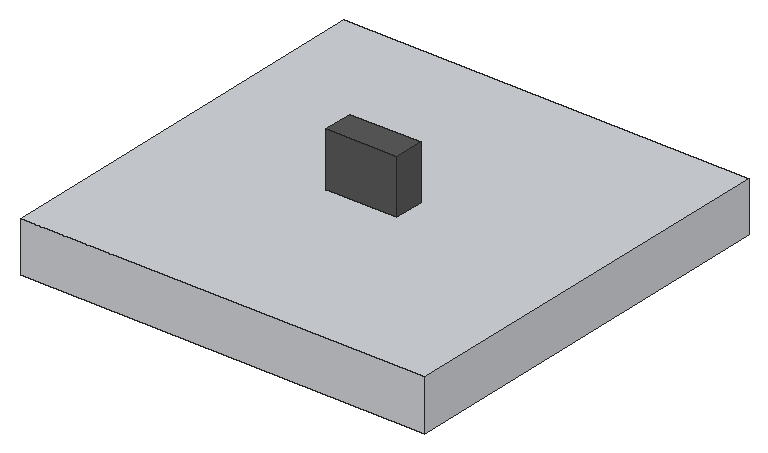
Revit family "r2018_videomax_server_OPS-SKUD_nastolnogo_ispolneniya", category Устройства связи, Revit 2018 (continued)
Definition of nested family "videomax_minitower"
  Lines and regions (mm)
    model lines, visible <- "Left_500", detail levels fine
      curve 1464: circle (371.93, 34.316, 0) r 1.91 normal (0, 0, 1)
      curve 1465: circle (376.044, 30.572, 0) r 1.91 normal (0, 0, 1)
      curve 1466: circle (371.93, 27.176, 0) r 1.91 normal (0, 0, 1)
      curve 1467: circle (384.48, 65.432, 0) r 1.91 normal (0, 0, 1)
      curve 1468: circle (380.366, 62.036, 0) r 1.91 normal (0, 0, 1)
      curve 1469: circle (384.48, 58.292, 0) r 1.91 normal (0, 0, 1)
      curve 1470: circle (380.366, 54.897, 0) r 1.91 normal (0, 0, 1)
      curve 1471: circle (384.48, 51.473, 0) r 1.91 normal (0, 0, 1)
      curve 1472: circle (380.366, 48.078, 0) r 1.91 normal (0, 0, 1)
      curve 1473: circle (384.48, 44.334, 0) r 1.91 normal (0, 0, 1)
      curve 1474: circle (380.366, 40.938, 0) r 1.91 normal (0, 0, 1)
      curve 1475: circle (384.48, 37.515, 0) r 1.91 normal (0, 0, 1)
      curve 1476: circle (380.366, 34.363, 0) r 1.91 normal (0, 0, 1)
      curve 1477: circle (384.48, 30.619, 0) r 1.91 normal (0, 0, 1)
      curve 1478: circle (380.366, 27.223, 0) r 1.91 normal (0, 0, 1)
      curve 1479: circle (392.707, 65.338, 0) r 1.91 normal (0, 0, 1)
      curve 1480: circle (388.594, 61.942, 0) r 1.91 normal (0, 0, 1)
      curve 1481: circle (392.707, 58.198, 0) r 1.91 normal (0, 0, 1)
      curve 1482: circle (388.594, 54.802, 0) r 1.91 normal (0, 0, 1)
      curve 1483: circle (392.707, 51.379, 0) r 1.91 normal (0, 0, 1)
      curve 1484: circle (388.594, 47.983, 0) r 1.91 normal (0, 0, 1)
      curve 1485: circle (392.707, 44.239, 0) r 1.91 normal (0, 0, 1)
      curve 1486: circle (388.594, 40.844, 0) r 1.91 normal (0, 0, 1)
      curve 1487: circle (392.707, 37.42, 0) r 1.91 normal (0, 0, 1)
      curve 1488: circle (388.594, 34.269, 0) r 1.91 normal (0, 0, 1)
      curve 1489: circle (392.707, 30.525, 0) r 1.91 normal (0, 0, 1)
      curve 1490: circle (388.594, 27.129, 0) r 1.91 normal (0, 0, 1)
      curve 1491: circle (400.935, 65.526, 0) r 1.91 normal (0, 0, 1)
      curve 1492: circle (396.821, 62.131, 0) r 1.91 normal (0, 0, 1)
      curve 1493: circle (400.935, 58.387, 0) r 1.91 normal (0, 0, 1)
      curve 1494: circle (396.821, 54.991, 0) r 1.91 normal (0, 0, 1)
      curve 1495: circle (400.935, 51.568, 0) r 1.91 normal (0, 0, 1)
      curve 1496: circle (396.821, 48.172, 0) r 1.91 normal (0, 0, 1)
      curve 1497: circle (400.935, 44.428, 0) r 1.91 normal (0, 0, 1)
      curve 1498: circle (396.821, 41.032, 0) r 1.91 normal (0, 0, 1)
      curve 1499: circle (400.935, 37.609, 0) r 1.91 normal (0, 0, 1)
      curve 1500: circle (396.821, 34.457, 0) r 1.91 normal (0, 0, 1)
      curve 1501: circle (400.935, 30.714, 0) r 1.91 normal (0, 0, 1)
      curve 1502: circle (396.821, 27.318, 0) r 1.91 normal (0, 0, 1)
      curve 1503: circle (409.162, 65.291, 0) r 1.91 normal (0, 0, 1)
      curve 1504: circle (405.049, 61.895, 0) r 1.91 normal (0, 0, 1)
      curve 1505: circle (409.162, 58.151, 0) r 1.91 normal (0, 0, 1)
      curve 1506: circle (405.049, 54.755, 0) r 1.91 normal (0, 0, 1)
      curve 1507: circle (409.162, 51.332, 0) r 1.91 normal (0, 0, 1)
      curve 1508: circle (405.049, 47.936, 0) r 1.91 normal (0, 0, 1)
      curve 1509: circle (409.162, 44.192, 0) r 1.91 normal (0, 0, 1)
      curve 1510: circle (405.049, 40.796, 0) r 1.91 normal (0, 0, 1)
      curve 1511: circle (409.162, 37.373, 0) r 1.91 normal (0, 0, 1)
      curve 1512: circle (405.049, 34.221, 0) r 1.91 normal (0, 0, 1)
      curve 1513: circle (409.162, 30.478, 0) r 1.91 normal (0, 0, 1)
      curve 1514: circle (405.049, 27.082, 0) r 1.91 normal (0, 0, 1)
      curve 1515: circle (417.39, 65.432, 0) r 1.91 normal (0, 0, 1)
      curve 1516: circle (413.276, 62.036, 0) r 1.91 normal (0, 0, 1)
      curve 1517: circle (417.39, 58.292, 0) r 1.91 normal (0, 0, 1)
      curve 1518: circle (413.276, 54.897, 0) r 1.91 normal (0, 0, 1)
      curve 1519: circle (417.39, 51.473, 0) r 1.91 normal (0, 0, 1)
      curve 1520: circle (413.276, 48.078, 0) r 1.91 normal (0, 0, 1)
      curve 1521: circle (417.39, 44.334, 0) r 1.91 normal (0, 0, 1)
      curve 1522: circle (413.276, 40.938, 0) r 1.91 normal (0, 0, 1)
      curve 1523: circle (417.39, 37.515, 0) r 1.91 normal (0, 0, 1)
      curve 1524: circle (413.276, 34.363, 0) r 1.91 normal (0, 0, 1)
      curve 1525: circle (417.39, 30.619, 0) r 1.91 normal (0, 0, 1)
      curve 1526: circle (413.276, 27.223, 0) r 1.91 normal (0, 0, 1)
      curve 1527: circle (425.617, 65.338, 0) r 1.91 normal (0, 0, 1)
      curve 1528: circle (421.503, 61.942, 0) r 1.91 normal (0, 0, 1)
      curve 1529: circle (425.617, 58.198, 0) r 1.91 normal (0, 0, 1)
      curve 1530: circle (421.503, 54.802, 0) r 1.91 normal (0, 0, 1)
      curve 1531: circle (425.617, 51.379, 0) r 1.91 normal (0, 0, 1)
      curve 1532: circle (421.503, 47.983, 0) r 1.91 normal (0, 0, 1)
      curve 1533: circle (425.617, 44.239, 0) r 1.91 normal (0, 0, 1)
      curve 1534: circle (421.503, 40.844, 0) r 1.91 normal (0, 0, 1)
      curve 1535: circle (425.617, 37.42, 0) r 1.91 normal (0, 0, 1)
      curve 1536: circle (421.503, 34.269, 0) r 1.91 normal (0, 0, 1)
      curve 1537: circle (425.617, 30.525, 0) r 1.91 normal (0, 0, 1)
      curve 1538: circle (421.503, 27.129, 0) r 1.91 normal (0, 0, 1)
      curve 1539: circle (433.798, 65.385, 0) r 1.91 normal (0, 0, 1)
      curve 1540: circle (429.684, 61.989, 0) r 1.91 normal (0, 0, 1)
      curve 1541: circle (433.798, 58.245, 0) r 1.91 normal (0, 0, 1)
      curve 1542: circle (429.684, 54.849, 0) r 1.91 normal (0, 0, 1)
      curve 1543: circle (433.798, 51.426, 0) r 1.91 normal (0, 0, 1)
      curve 1544: circle (429.684, 48.03, 0) r 1.91 normal (0, 0, 1)
      curve 1545: circle (433.798, 44.287, 0) r 1.91 normal (0, 0, 1)
      curve 1546: circle (429.684, 40.891, 0) r 1.91 normal (0, 0, 1)
      curve 1547: circle (433.798, 37.467, 0) r 1.91 normal (0, 0, 1)
      curve 1548: circle (429.684, 34.316, 0) r 1.91 normal (0, 0, 1)
      curve 1549: circle (433.798, 30.572, 0) r 1.91 normal (0, 0, 1)
      curve 1550: circle (429.684, 27.176, 0) r 1.91 normal (0, 0, 1)
      curve 1551: circle (442.026, 65.291, 0) r 1.91 normal (0, 0, 1)
      curve 1552: circle (437.912, 61.895, 0) r 1.91 normal (0, 0, 1)
      curve 1553: circle (442.026, 58.151, 0) r 1.91 normal (0, 0, 1)
      curve 1554: circle (437.912, 54.755, 0) r 1.91 normal (0, 0, 1)
      curve 1555: circle (442.026, 51.332, 0) r 1.91 normal (0, 0, 1)
      curve 1556: circle (437.912, 47.936, 0) r 1.91 normal (0, 0, 1)
      curve 1557: circle (442.026, 44.192, 0) r 1.91 normal (0, 0, 1)
      curve 1558: circle (437.912, 40.796, 0) r 1.91 normal (0, 0, 1)
      curve 1559: circle (442.026, 37.373, 0) r 1.91 normal (0, 0, 1)
      curve 1560: circle (437.912, 34.221, 0) r 1.91 normal (0, 0, 1)
      curve 1561: circle (442.026, 30.478, 0) r 1.91 normal (0, 0, 1)
      curve 1562: circle (437.912, 27.082, 0) r 1.91 normal (0, 0, 1)
      curve 1563: circle (450.253, 65.479, 0) r 1.91 normal (0, 0, 1)
      curve 1564: circle (446.139, 62.083, 0) r 1.91 normal (0, 0, 1)
      curve 1565: circle (450.253, 58.34, 0) r 1.91 normal (0, 0, 1)
      curve 1566: circle (446.139, 54.944, 0) r 1.91 normal (0, 0, 1)
      curve 1567: circle (450.253, 51.521, 0) r 1.91 normal (0, 0, 1)
      curve 1568: circle (446.139, 48.125, 0) r 1.91 normal (0, 0, 1)
      curve 1569: circle (450.253, 44.381, 0) r 1.91 normal (0, 0, 1)
      curve 1570: circle (446.139, 40.985, 0) r 1.91 normal (0, 0, 1)
      curve 1571: circle (450.253, 37.562, 0) r 1.91 normal (0, 0, 1)
      curve 1572: circle (446.139, 34.41, 0) r 1.91 normal (0, 0, 1)
      curve 1573: circle (450.253, 30.666, 0) r 1.91 normal (0, 0, 1)
      curve 1574: circle (446.139, 27.271, 0) r 1.91 normal (0, 0, 1)
      curve 1575: circle (458.481, 65.243, 0) r 1.91 normal (0, 0, 1)
      curve 1576: circle (454.367, 61.848, 0) r 1.91 normal (0, 0, 1)
      curve 1577: circle (458.481, 58.104, 0) r 1.91 normal (0, 0, 1)
      curve 1578: circle (454.367, 54.708, 0) r 1.91 normal (0, 0, 1)
      curve 1579: circle (458.481, 51.285, 0) r 1.91 normal (0, 0, 1)
      curve 1580: circle (454.367, 47.889, 0) r 1.91 normal (0, 0, 1)
      curve 1581: circle (458.481, 44.145, 0) r 1.91 normal (0, 0, 1)
      curve 1582: circle (454.367, 40.749, 0) r 1.91 normal (0, 0, 1)
      curve 1583: circle (458.481, 37.326, 0) r 1.91 normal (0, 0, 1)
      curve 1584: circle (454.367, 34.174, 0) r 1.91 normal (0, 0, 1)
      curve 1585: circle (458.481, 30.43, 0) r 1.91 normal (0, 0, 1)
      curve 1586: circle (454.367, 27.035, 0) r 1.91 normal (0, 0, 1)
      curve 1587: circle (466.708, 65.385, 0) r 1.91 normal (0, 0, 1)
      curve 1588: circle (462.594, 61.989, 0) r 1.91 normal (0, 0, 1)
      curve 1589: circle (466.708, 58.245, 0) r 1.91 normal (0, 0, 1)
      curve 1590: circle (462.594, 54.849, 0) r 1.91 normal (0, 0, 1)
      curve 1591: circle (466.708, 51.426, 0) r 1.91 normal (0, 0, 1)
      curve 1592: circle (462.594, 48.03, 0) r 1.91 normal (0, 0, 1)
      curve 1593: circle (466.708, 44.287, 0) r 1.91 normal (0, 0, 1)
      curve 1594: circle (462.594, 40.891, 0) r 1.91 normal (0, 0, 1)
      curve 1595: circle (466.708, 37.467, 0) r 1.91 normal (0, 0, 1)
      curve 1596: circle (462.594, 34.316, 0) r 1.91 normal (0, 0, 1)
      curve 1597: circle (466.708, 30.572, 0) r 1.91 normal (0, 0, 1)
      curve 1598: circle (462.594, 27.176, 0) r 1.91 normal (0, 0, 1)
      curve 1599: circle (474.935, 65.291, 0) r 1.91 normal (0, 0, 1)
      curve 1600: circle (470.822, 61.895, 0) r 1.91 normal (0, 0, 1)
      curve 1601: circle (474.935, 58.151, 0) r 1.91 normal (0, 0, 1)
      curve 1602: circle (470.822, 54.755, 0) r 1.91 normal (0, 0, 1)
      curve 1603: circle (474.935, 51.332, 0) r 1.91 normal (0, 0, 1)
      curve 1604: circle (470.822, 47.936, 0) r 1.91 normal (0, 0, 1)
      curve 1605: circle (474.935, 44.192, 0) r 1.91 normal (0, 0, 1)
      curve 1606: circle (470.822, 40.796, 0) r 1.91 normal (0, 0, 1)
      curve 1607: circle (474.935, 37.373, 0) r 1.91 normal (0, 0, 1)
      curve 1608: circle (470.822, 34.221, 0) r 1.91 normal (0, 0, 1)
      curve 1609: circle (474.935, 30.478, 0) r 1.91 normal (0, 0, 1)
      curve 1610: circle (470.822, 27.082, 0) r 1.91 normal (0, 0, 1)
      curve 1611: circle (483.163, 65.479, 0) r 1.91 normal (0, 0, 1)
      curve 1612: circle (479.049, 62.083, 0) r 1.91 normal (0, 0, 1)
      curve 1613: circle (483.163, 58.34, 0) r 1.91 normal (0, 0, 1)
      curve 1614: circle (479.049, 54.944, 0) r 1.91 normal (0, 0, 1)
      curve 1615: circle (483.163, 51.52, 0) r 1.91 normal (0, 0, 1)
      curve 1616: circle (479.049, 48.125, 0) r 1.91 normal (0, 0, 1)
      curve 1617: circle (483.163, 44.381, 0) r 1.91 normal (0, 0, 1)
      curve 1618: circle (479.049, 40.985, 0) r 1.91 normal (0, 0, 1)
      curve 1619: circle (483.163, 37.562, 0) r 1.91 normal (0, 0, 1)
      curve 1620: circle (479.049, 34.41, 0) r 1.91 normal (0, 0, 1)
      curve 1621: circle (483.163, 30.666, 0) r 1.91 normal (0, 0, 1)
      curve 1622: circle (479.049, 27.27, 0) r 1.91 normal (0, 0, 1)
      curve 1623: circle (491.39, 65.385, 0) r 1.91 normal (0, 0, 1)
      curve 1624: circle (487.277, 61.989, 0) r 1.91 normal (0, 0, 1)
      curve 1625: circle (491.39, 58.245, 0) r 1.91 normal (0, 0, 1)
      curve 1626: circle (487.277, 54.849, 0) r 1.91 normal (0, 0, 1)
      curve 1627: circle (491.39, 51.426, 0) r 1.91 normal (0, 0, 1)
      curve 1628: circle (487.277, 48.03, 0) r 1.91 normal (0, 0, 1)
      curve 1629: circle (491.39, 44.287, 0) r 1.91 normal (0, 0, 1)
      curve 1630: circle (487.277, 40.891, 0) r 1.91 normal (0, 0, 1)
      curve 1631: circle (491.39, 37.467, 0) r 1.91 normal (0, 0, 1)
      curve 1632: circle (487.277, 34.316, 0) r 1.91 normal (0, 0, 1)
      curve 1633: circle (491.39, 30.572, 0) r 1.91 normal (0, 0, 1)
      curve 1634: circle (487.277, 27.176, 0) r 1.91 normal (0, 0, 1)
      curve 1635: circle (499.618, 65.574, 0) r 1.91 normal (0, 0, 1)
      curve 1636: circle (495.504, 62.178, 0) r 1.91 normal (0, 0, 1)
      curve 1637: circle (499.618, 58.434, 0) r 1.91 normal (0, 0, 1)
      curve 1638: circle (495.504, 55.038, 0) r 1.91 normal (0, 0, 1)
      curve 1639: circle (499.618, 51.615, 0) r 1.91 normal (0, 0, 1)
      curve 1640: circle (495.504, 48.219, 0) r 1.91 normal (0, 0, 1)
      curve 1641: circle (499.618, 44.475, 0) r 1.91 normal (0, 0, 1)
      curve 1642: circle (495.504, 41.079, 0) r 1.91 normal (0, 0, 1)
      curve 1643: circle (499.618, 37.656, 0) r 1.91 normal (0, 0, 1)
      curve 1644: circle (495.504, 34.504, 0) r 1.91 normal (0, 0, 1)
      curve 1645: circle (499.618, 30.761, 0) r 1.91 normal (0, 0, 1)
      curve 1646: circle (495.504, 27.365, 0) r 1.91 normal (0, 0, 1)
      curve 1647: circle (507.845, 65.338, 0) r 1.91 normal (0, 0, 1)
      curve 1648: circle (503.732, 61.942, 0) r 1.91 normal (0, 0, 1)
      curve 1649: circle (507.845, 58.198, 0) r 1.91 normal (0, 0, 1)
      curve 1650: circle (503.732, 54.802, 0) r 1.91 normal (0, 0, 1)
      curve 1651: circle (507.845, 51.379, 0) r 1.91 normal (0, 0, 1)
      curve 1652: circle (503.732, 47.983, 0) r 1.91 normal (0, 0, 1)
      curve 1653: circle (507.845, 44.239, 0) r 1.91 normal (0, 0, 1)
      curve 1654: circle (503.732, 40.844, 0) r 1.91 normal (0, 0, 1)
      curve 1655: circle (507.845, 37.42, 0) r 1.91 normal (0, 0, 1)
      curve 1656: circle (503.732, 34.269, 0) r 1.91 normal (0, 0, 1)
      curve 1657: circle (507.845, 30.525, 0) r 1.91 normal (0, 0, 1)
      curve 1658: circle (503.732, 27.129, 0) r 1.91 normal (0, 0, 1)
      curve 1659: circle (516.073, 65.479, 0) r 1.91 normal (0, 0, 1)
      curve 1660: circle (511.959, 62.083, 0) r 1.91 normal (0, 0, 1)
      curve 1661: circle (516.073, 58.34, 0) r 1.91 normal (0, 0, 1)
      curve 1662: circle (511.959, 54.944, 0) r 1.91 normal (0, 0, 1)
      curve 1663: circle (516.073, 51.52, 0) r 1.91 normal (0, 0, 1)
      curve 1664: circle (511.959, 48.125, 0) r 1.91 normal (0, 0, 1)
      curve 1665: circle (516.073, 44.381, 0) r 1.91 normal (0, 0, 1)
      curve 1666: circle (511.959, 40.985, 0) r 1.91 normal (0, 0, 1)
      curve 1667: circle (516.073, 37.562, 0) r 1.91 normal (0, 0, 1)
      curve 1668: circle (511.959, 34.41, 0) r 1.91 normal (0, 0, 1)
      curve 1669: circle (516.073, 30.666, 0) r 1.91 normal (0, 0, 1)
      curve 1670: circle (511.959, 27.27, 0) r 1.91 normal (0, 0, 1)
      curve 1671: circle (524.3, 65.385, 0) r 1.91 normal (0, 0, 1)
      curve 1672: circle (520.186, 61.989, 0) r 1.91 normal (0, 0, 1)
      curve 1673: circle (524.3, 58.245, 0) r 1.91 normal (0, 0, 1)
      curve 1674: circle (520.186, 54.849, 0) r 1.91 normal (0, 0, 1)
      curve 1675: circle (524.3, 51.426, 0) r 1.91 normal (0, 0, 1)
      curve 1676: circle (520.186, 48.03, 0) r 1.91 normal (0, 0, 1)
      curve 1677: circle (524.3, 44.287, 0) r 1.91 normal (0, 0, 1)
      curve 1678: circle (520.186, 40.891, 0) r 1.91 normal (0, 0, 1)
      curve 1679: circle (524.3, 37.467, 0) r 1.91 normal (0, 0, 1)
      curve 1680: circle (520.186, 34.316, 0) r 1.91 normal (0, 0, 1)
      curve 1681: circle (524.3, 30.572, 0) r 1.91 normal (0, 0, 1)
      curve 1682: circle (520.186, 27.176, 0) r 1.91 normal (0, 0, 1)
      curve 1683: circle (532.736, 65.432, 0) r 1.91 normal (0, 0, 1)
      curve 1684: circle (528.622, 62.036, 0) r 1.91 normal (0, 0, 1)
      curve 1685: circle (532.736, 58.292, 0) r 1.91 normal (0, 0, 1)
      curve 1686: circle (528.622, 54.897, 0) r 1.91 normal (0, 0, 1)
      curve 1687: circle (532.736, 51.473, 0) r 1.91 normal (0, 0, 1)
      curve 1688: circle (528.622, 48.078, 0) r 1.91 normal (0, 0, 1)
      curve 1689: circle (532.736, 44.334, 0) r 1.91 normal (0, 0, 1)
      curve 1690: circle (528.622, 40.938, 0) r 1.91 normal (0, 0, 1)
      curve 1691: circle (532.736, 37.515, 0) r 1.91 normal (0, 0, 1)
      curve 1692: circle (528.622, 34.363, 0) r 1.91 normal (0, 0, 1)
      curve 1693: circle (532.736, 30.619, 0) r 1.91 normal (0, 0, 1)
      curve 1694: circle (528.622, 27.223, 0) r 1.91 normal (0, 0, 1)
      curve 1695: circle (540.963, 65.338, 0) r 1.91 normal (0, 0, 1)
      curve 1696: circle (536.85, 61.942, 0) r 1.91 normal (0, 0, 1)
      curve 1697: circle (540.963, 58.198, 0) r 1.91 normal (0, 0, 1)
      curve 1698: circle (536.85, 54.802, 0) r 1.91 normal (0, 0, 1)
      curve 1699: circle (540.963, 51.379, 0) r 1.91 normal (0, 0, 1)
      curve 1700: circle (536.85, 47.983, 0) r 1.91 normal (0, 0, 1)
      curve 1701: circle (540.963, 44.239, 0) r 1.91 normal (0, 0, 1)
      curve 1702: circle (536.85, 40.844, 0) r 1.91 normal (0, 0, 1)
      curve 1703: circle (540.963, 37.42, 0) r 1.91 normal (0, 0, 1)
      curve 1704: circle (536.85, 34.269, 0) r 1.91 normal (0, 0, 1)
      curve 1705: circle (540.963, 30.525, 0) r 1.91 normal (0, 0, 1)
      curve 1706: circle (536.85, 27.129, 0) r 1.91 normal (0, 0, 1)
      curve 1707: circle (549.191, 65.526, 0) r 1.91 normal (0, 0, 1)
      curve 1708: circle (545.077, 62.131, 0) r 1.91 normal (0, 0, 1)
      curve 1709: circle (549.191, 58.387, 0) r 1.91 normal (0, 0, 1)
      curve 1710: circle (545.077, 54.991, 0) r 1.91 normal (0, 0, 1)
      curve 1711: circle (549.191, 51.568, 0) r 1.91 normal (0, 0, 1)
      curve 1712: circle (545.077, 48.172, 0) r 1.91 normal (0, 0, 1)
      curve 1713: circle (549.191, 44.428, 0) r 1.91 normal (0, 0, 1)
      curve 1714: circle (545.077, 41.032, 0) r 1.91 normal (0, 0, 1)
      curve 1715: circle (549.191, 37.609, 0) r 1.91 normal (0, 0, 1)
      curve 1716: circle (545.077, 34.457, 0) r 1.91 normal (0, 0, 1)
      curve 1717: circle (549.191, 30.714, 0) r 1.91 normal (0, 0, 1)
      curve 1718: circle (545.077, 27.318, 0) r 1.91 normal (0, 0, 1)
      curve 1719: circle (557.418, 65.291, 0) r 1.91 normal (0, 0, 1)
      curve 1720: circle (553.305, 61.895, 0) r 1.91 normal (0, 0, 1)
      curve 1721: circle (557.418, 58.151, 0) r 1.91 normal (0, 0, 1)
      curve 1722: circle (553.305, 54.755, 0) r 1.91 normal (0, 0, 1)
      curve 1723: circle (557.418, 51.332, 0) r 1.91 normal (0, 0, 1)
      curve 1724: circle (553.305, 47.936, 0) r 1.91 normal (0, 0, 1)
      curve 1725: circle (557.418, 44.192, 0) r 1.91 normal (0, 0, 1)
      curve 1726: circle (553.305, 40.796, 0) r 1.91 normal (0, 0, 1)
      curve 1727: circle (557.418, 37.373, 0) r 1.91 normal (0, 0, 1)
      curve 1728: circle (553.305, 34.221, 0) r 1.91 normal (0, 0, 1)
      curve 1729: circle (557.418, 30.478, 0) r 1.91 normal (0, 0, 1)
      curve 1730: circle (553.305, 27.082, 0) r 1.91 normal (0, 0, 1)
      curve 1731: circle (565.646, 65.432, 0) r 1.91 normal (0, 0, 1)
      curve 1732: circle (561.532, 62.036, 0) r 1.91 normal (0, 0, 1)
      curve 1733: circle (565.646, 58.292, 0) r 1.91 normal (0, 0, 1)
      curve 1734: circle (561.532, 54.897, 0) r 1.91 normal (0, 0, 1)
      curve 1735: circle (565.646, 51.473, 0) r 1.91 normal (0, 0, 1)
      curve 1736: circle (561.532, 48.078, 0) r 1.91 normal (0, 0, 1)
      curve 1737: circle (565.646, 44.334, 0) r 1.91 normal (0, 0, 1)
      curve 1738: circle (561.532, 40.938, 0) r 1.91 normal (0, 0, 1)
      curve 1739: circle (565.646, 37.515, 0) r 1.91 normal (0, 0, 1)
      curve 1740: circle (561.532, 34.363, 0) r 1.91 normal (0, 0, 1)
      curve 1741: circle (565.646, 30.619, 0) r 1.91 normal (0, 0, 1)
      curve 1742: circle (561.532, 27.223, 0) r 1.91 normal (0, 0, 1)
      curve 1743: circle (573.873, 65.338, 0) r 1.91 normal (0, 0, 1)
      curve 1744: circle (569.76, 61.942, 0) r 1.91 normal (0, 0, 1)
      curve 1745: circle (573.873, 58.198, 0) r 1.91 normal (0, 0, 1)
      curve 1746: circle (569.76, 54.802, 0) r 1.91 normal (0, 0, 1)
      curve 1747: circle (573.873, 51.379, 0) r 1.91 normal (0, 0, 1)
      curve 1748: circle (569.76, 47.983, 0) r 1.91 normal (0, 0, 1)
      curve 1749: circle (573.873, 44.239, 0) r 1.91 normal (0, 0, 1)
      curve 1750: circle (569.76, 40.844, 0) r 1.91 normal (0, 0, 1)
      curve 1751: circle (573.873, 37.42, 0) r 1.91 normal (0, 0, 1)
      curve 1752: circle (569.76, 34.269, 0) r 1.91 normal (0, 0, 1)
      curve 1753: circle (573.873, 30.525, 0) r 1.91 normal (0, 0, 1)
      curve 1754: circle (569.76, 27.129, 0) r 1.91 normal (0, 0, 1)
      curve 1755: circle (317.403, 209.758, 0) r 4.572 normal (0, 0, 1)
      curve 1756: circle (425.138, 209.758, 0) r 4.572 normal (0, 0, 1)
      curve 1757: circle (425.138, 102.042, 0) r 4.572 normal (0, 0, 1)
      curve 1758: circle (317.403, 102.252, 0) r 4.572 normal (0, 0, 1)
      curve 1759: arc (331.763, 192.533, 0) -> (317.397, 155.913, 0) -> (331.763, 119.292, 0) r 53.857
      curve 1760: arc (337.734, 125.263, 0) -> (325.836, 155.913, 0) -> (337.734, 186.562, 0) r 45.427
      curve 1761: arc (349.443, 174.853, 0) -> (344.195, 166.022, 0) -> (342.369, 155.913, 0) r 28.894
      curve 1762: arc (342.369, 155.913, 0) -> (344.195, 145.803, 0) -> (349.442, 136.972, 0) r 28.894
      curve 1763: arc (354.03, 141.56, 0) -> (350.175, 148.281, 0) -> (348.836, 155.913, 0) r 22.427
      curve 1764: arc (348.836, 155.913, 0) -> (350.175, 163.545, 0) -> (354.03, 170.265, 0) r 22.427
      curve 1765: arc (340.82, 183.476, 0) -> (332.944, 170.683, 0) -> (330.196, 155.913, 0) r 41.067
      curve 1766: arc (330.196, 155.913, 0) -> (332.944, 141.143, 0) -> (340.82, 128.349, 0) r 41.067
      curve 1767: arc (346.796, 134.325, 0) -> (340.743, 144.373, 0) -> (338.634, 155.913, 0) r 32.629
      curve 1768: arc (338.634, 155.913, 0) -> (340.743, 167.452, 0) -> (346.796, 177.5, 0) r 32.629
      curve 1769: arc (410.763, 192.533, 0) -> (425.129, 155.913, 0) -> (410.763, 119.292, 0) r 53.857
      curve 1770: arc (404.792, 125.263, 0) -> (416.69, 155.913, 0) -> (404.792, 186.562, 0) r 45.427
      curve 1771: arc (393.083, 174.853, 0) -> (398.331, 166.022, 0) -> (400.157, 155.913, 0) r 28.894
      curve 1772: arc (400.157, 155.913, 0) -> (398.331, 145.803, 0) -> (393.084, 136.972, 0) r 28.894
      curve 1773: arc (388.496, 141.56, 0) -> (392.351, 148.281, 0) -> (393.69, 155.913, 0) r 22.427
      curve 1774: arc (393.69, 155.913, 0) -> (392.351, 163.545, 0) -> (388.496, 170.265, 0) r 22.427
      curve 1775: arc (401.706, 183.476, 0) -> (409.582, 170.683, 0) -> (412.33, 155.913, 0) r 41.067
      curve 1776: arc (412.33, 155.913, 0) -> (409.582, 141.143, 0) -> (401.706, 128.349, 0) r 41.067
      curve 1777: arc (395.73, 134.325, 0) -> (401.783, 144.373, 0) -> (403.892, 155.913, 0) r 32.629
      curve 1778: arc (403.892, 155.913, 0) -> (401.783, 167.452, 0) -> (395.73, 177.5, 0) r 32.629
      curve 1779: arc (407.883, 116.413, 0) -> (371.263, 102.047, 0) -> (334.643, 116.413, 0) r 53.857
      curve 1780: arc (340.614, 122.383, 0) -> (371.263, 110.486, 0) -> (401.913, 122.383, 0) r 45.427
      curve 1781: arc (390.204, 134.092, 0) -> (381.372, 128.844, 0) -> (371.263, 127.018, 0) r 28.894
      curve 1782: arc (371.263, 127.018, 0) -> (361.154, 128.844, 0) -> (352.322, 134.092, 0) r 28.894
      curve 1783: arc (356.91, 138.68, 0) -> (363.631, 134.824, 0) -> (371.263, 133.486, 0) r 22.427
      curve 1784: arc (371.263, 133.486, 0) -> (378.895, 134.824, 0) -> (385.616, 138.68, 0) r 22.427
      curve 1785: arc (398.826, 125.469, 0) -> (386.033, 117.593, 0) -> (371.263, 114.845, 0) r 41.067
      curve 1786: arc (371.263, 114.845, 0) -> (356.493, 117.593, 0) -> (343.7, 125.469, 0) r 41.067
      curve 1787: arc (349.676, 131.445, 0) -> (359.724, 125.392, 0) -> (371.263, 123.284, 0) r 32.629
      curve 1788: arc (371.263, 123.284, 0) -> (382.802, 125.392, 0) -> (392.85, 131.446, 0) r 32.629
      curve 1789: arc (407.883, 195.412, 0) -> (371.263, 209.778, 0) -> (334.643, 195.413, 0) r 53.857
      curve 1790: arc (340.614, 189.442, 0) -> (371.263, 201.339, 0) -> (401.913, 189.442, 0) r 45.427
      curve 1791: arc (390.204, 177.733, 0) -> (381.372, 182.981, 0) -> (371.263, 184.807, 0) r 28.894
      curve 1792: arc (371.263, 184.807, 0) -> (361.154, 182.981, 0) -> (352.322, 177.733, 0) r 28.894
      curve 1793: arc (356.91, 173.145, 0) -> (363.631, 177.001, 0) -> (371.263, 178.339, 0) r 22.427
      curve 1794: arc (371.263, 178.339, 0) -> (378.895, 177.001, 0) -> (385.616, 173.145, 0) r 22.427
      curve 1795: arc (398.826, 186.356, 0) -> (386.033, 194.232, 0) -> (371.263, 196.98, 0) r 41.067
      curve 1796: arc (371.263, 196.98, 0) -> (356.493, 194.232, 0) -> (343.7, 186.356, 0) r 41.067
      curve 1797: arc (349.676, 180.38, 0) -> (359.724, 186.433, 0) -> (371.263, 188.541, 0) r 32.629
      curve 1798: arc (371.263, 188.541, 0) -> (382.802, 186.433, 0) -> (392.85, 180.379, 0) r 32.629
      curve 1799: line (639.2, 316.85, 0) -> (248.216, 316.85, 0)
      curve 1800: line (248.216, 316.85, 0) -> (673.215, 316.85, 0)
      curve 1801: line (673.215, 316.85, 0) -> (673.215, 0, 0)
      curve 1802: line (673.215, 0, 0) -> (248.216, 0, 0)
      curve 1803: line (248.216, 0, 0) -> (248.216, 316.85, 0)
      curve 1804: line (248.216, 316.85, 0) -> (248.216, 308.704, 0)
      curve 1805: line (248.216, 308.704, 0) -> (639.2, 308.704, 0)
      curve 1806: line (639.2, 308.704, 0) -> (639.2, 316.85, 0)
      curve 1807: line (639.2, 316.85, 0) -> (673.216, 316.85, 0)
      curve 1808: line (673.216, 316.85, 0) -> (673.216, 0, 0)
      curve 1809: line (673.216, 0, 0) -> (639.2, 0, 0)
      curve 1810: line (639.2, 0, 0) -> (639.2, 316.85, 0)
      curve 1811: line (311.466, 95.911, 0) -> (431.466, 95.911, 0)
      curve 1812: line (431.466, 95.911, 0) -> (431.466, 215.911, 0)
      curve 1813: line (431.466, 215.911, 0) -> (311.466, 215.911, 0)
      curve 1814: line (311.466, 215.911, 0) -> (311.466, 95.911, 0)
      curve 1815: line (337.734, 186.562, 0) -> (331.763, 192.533, 0)
      curve 1816: line (331.763, 119.292, 0) -> (337.734, 125.263, 0)
      curve 1817: line (354.03, 170.265, 0) -> (349.443, 174.853, 0)
      curve 1818: line (349.442, 136.972, 0) -> (354.03, 141.56, 0)
      curve 1819: line (346.796, 177.5, 0) -> (340.82, 183.476, 0)
      curve 1820: line (340.82, 128.349, 0) -> (346.796, 134.325, 0)
      curve 1821: line (404.792, 186.562, 0) -> (410.763, 192.533, 0)
      curve 1822: line (410.763, 119.292, 0) -> (404.792, 125.263, 0)
      curve 1823: line (388.496, 170.265, 0) -> (393.083, 174.853, 0)
      curve 1824: line (393.084, 136.972, 0) -> (388.496, 141.56, 0)
      curve 1825: line (395.73, 177.5, 0) -> (401.706, 183.476, 0)
      curve 1826: line (401.706, 128.349, 0) -> (395.73, 134.325, 0)
      curve 1827: line (401.913, 122.383, 0) -> (407.883, 116.413, 0)
      curve 1828: line (334.643, 116.413, 0) -> (340.614, 122.383, 0)
      curve 1829: line (385.616, 138.68, 0) -> (390.204, 134.092, 0)
      curve 1830: line (352.322, 134.092, 0) -> (356.91, 138.68, 0)
      curve 1831: line (392.85, 131.446, 0) -> (398.826, 125.469, 0)
      curve 1832: line (343.7, 125.469, 0) -> (349.676, 131.445, 0)
      curve 1833: line (401.913, 189.442, 0) -> (407.883, 195.412, 0)
      curve 1834: line (334.643, 195.413, 0) -> (340.614, 189.442, 0)
      curve 1835: line (385.616, 173.145, 0) -> (390.204, 177.733, 0)
      curve 1836: line (352.322, 177.733, 0) -> (356.91, 173.145, 0)
      curve 1837: line (392.85, 180.379, 0) -> (398.826, 186.356, 0)
      curve 1838: line (343.7, 186.356, 0) -> (349.676, 180.38, 0)
    model lines, visible <- "Back_500", detail levels fine
      curve 477: arc (-4.145, 293.734, 0) -> (-13.724, 269.317, 0) -> (-4.145, 244.899, 0) r 35.911
      curve 478: arc (-0.164, 248.88, 0) -> (-8.097, 269.317, 0) -> (-0.164, 289.753, 0) r 30.29
      curve 479: arc (7.643, 281.946, 0) -> (4.144, 276.057, 0) -> (2.926, 269.317, 0) r 19.266
      curve 480: arc (2.926, 269.317, 0) -> (4.144, 262.576, 0) -> (7.643, 256.687, 0) r 19.266
      curve 481: arc (10.702, 259.746, 0) -> (8.131, 264.228, 0) -> (7.239, 269.317, 0) r 14.954
      curve 482: arc (7.239, 269.317, 0) -> (8.131, 274.405, 0) -> (10.702, 278.887, 0) r 14.954
      curve 483: arc (1.894, 287.695, 0) -> (-3.358, 279.165, 0) -> (-5.191, 269.317, 0) r 27.383
      curve 484: arc (-5.191, 269.317, 0) -> (-3.358, 259.468, 0) -> (1.893, 250.938, 0) r 27.383
      curve 485: arc (5.878, 254.923, 0) -> (1.842, 261.622, 0) -> (0.436, 269.317, 0) r 21.756
      curve 486: arc (0.436, 269.317, 0) -> (1.842, 277.011, 0) -> (5.878, 283.711, 0) r 21.756
      curve 487: arc (48.53, 293.734, 0) -> (58.109, 269.317, 0) -> (48.53, 244.899, 0) r 35.911
      curve 488: arc (44.549, 248.88, 0) -> (52.482, 269.317, 0) -> (44.549, 289.753, 0) r 30.29
      curve 489: arc (36.742, 281.946, 0) -> (40.241, 276.057, 0) -> (41.459, 269.317, 0) r 19.266
      curve 490: arc (41.459, 269.317, 0) -> (40.241, 262.576, 0) -> (36.742, 256.687, 0) r 19.266
      curve 491: arc (33.683, 259.746, 0) -> (36.254, 264.228, 0) -> (37.146, 269.317, 0) r 14.954
      curve 492: arc (37.146, 269.317, 0) -> (36.254, 274.405, 0) -> (33.683, 278.887, 0) r 14.954
      curve 493: arc (42.491, 287.695, 0) -> (47.743, 279.165, 0) -> (49.575, 269.317, 0) r 27.383
      curve 494: arc (49.575, 269.317, 0) -> (47.743, 259.468, 0) -> (42.491, 250.938, 0) r 27.383
      curve 495: arc (38.507, 254.923, 0) -> (42.543, 261.622, 0) -> (43.949, 269.317, 0) r 21.756
      curve 496: arc (43.949, 269.317, 0) -> (42.543, 277.011, 0) -> (38.507, 283.711, 0) r 21.756
      curve 497: arc (46.61, 242.979, 0) -> (22.192, 233.4, 0) -> (-2.225, 242.979, 0) r 35.911
      curve 498: arc (1.756, 246.96, 0) -> (22.192, 239.027, 0) -> (42.629, 246.96, 0) r 30.29
      curve 499: arc (34.822, 254.767, 0) -> (28.933, 251.268, 0) -> (22.192, 250.05, 0) r 19.266
      curve 500: arc (22.192, 250.05, 0) -> (15.452, 251.268, 0) -> (9.563, 254.767, 0) r 19.266
      curve 501: arc (12.622, 257.826, 0) -> (17.104, 255.255, 0) -> (22.192, 254.363, 0) r 14.954
      curve 502: arc (22.192, 254.363, 0) -> (27.281, 255.255, 0) -> (31.763, 257.826, 0) r 14.954
      curve 503: arc (40.571, 249.018, 0) -> (32.041, 243.766, 0) -> (22.192, 241.934, 0) r 27.383
      curve 504: arc (22.192, 241.934, 0) -> (12.344, 243.766, 0) -> (3.814, 249.018, 0) r 27.383
      curve 505: arc (7.799, 253.002, 0) -> (14.498, 248.966, 0) -> (22.192, 247.56, 0) r 21.756
      curve 506: arc (22.192, 247.56, 0) -> (29.887, 248.966, 0) -> (36.586, 253.002, 0) r 21.756
      curve 507: arc (46.61, 295.654, 0) -> (22.192, 305.233, 0) -> (-2.225, 295.654, 0) r 35.911
      curve 508: arc (1.756, 291.673, 0) -> (22.192, 299.606, 0) -> (42.629, 291.673, 0) r 30.29
      curve 509: arc (34.822, 283.866, 0) -> (28.933, 287.365, 0) -> (22.192, 288.583, 0) r 19.266
      curve 510: arc (22.192, 288.583, 0) -> (15.452, 287.365, 0) -> (9.563, 283.866, 0) r 19.266
      curve 511: arc (12.622, 280.807, 0) -> (17.104, 283.378, 0) -> (22.192, 284.27, 0) r 14.954
      curve 512: arc (22.192, 284.27, 0) -> (27.281, 283.378, 0) -> (31.763, 280.807, 0) r 14.954
      curve 513: arc (40.571, 289.615, 0) -> (32.041, 294.867, 0) -> (22.192, 296.699, 0) r 27.383
      curve 514: arc (22.192, 296.699, 0) -> (12.344, 294.867, 0) -> (3.814, 289.616, 0) r 27.383
      curve 515: arc (7.799, 285.631, 0) -> (14.498, 289.667, 0) -> (22.192, 291.073, 0) r 21.756
      curve 516: arc (22.192, 291.073, 0) -> (29.887, 289.667, 0) -> (36.586, 285.631, 0) r 21.756
      curve 517: arc (12.293, 172.093, 0) -> (2.714, 147.676, 0) -> (12.293, 123.258, 0) r 35.911
      curve 518: arc (16.274, 127.239, 0) -> (8.341, 147.676, 0) -> (16.274, 168.112, 0) r 30.29
      curve 519: arc (24.082, 160.305, 0) -> (20.583, 154.416, 0) -> (19.365, 147.676, 0) r 19.266
      curve 520: arc (19.365, 147.676, 0) -> (20.582, 140.935, 0) -> (24.081, 135.046, 0) r 19.266
      curve 521: arc (27.141, 138.105, 0) -> (24.57, 142.587, 0) -> (23.677, 147.676, 0) r 14.954
      curve 522: arc (23.677, 147.676, 0) -> (24.57, 152.764, 0) -> (27.141, 157.246, 0) r 14.954
      curve 523: arc (18.332, 166.054, 0) -> (13.08, 157.524, 0) -> (11.248, 147.676, 0) r 27.383
      curve 524: arc (11.248, 147.676, 0) -> (13.08, 137.827, 0) -> (18.332, 129.297, 0) r 27.383
      curve 525: arc (22.317, 133.282, 0) -> (18.281, 139.981, 0) -> (16.875, 147.676, 0) r 21.756
      curve 526: arc (16.875, 147.676, 0) -> (18.281, 155.37, 0) -> (22.317, 162.07, 0) r 21.756
      curve 527: arc (64.969, 172.093, 0) -> (74.548, 147.676, 0) -> (64.969, 123.258, 0) r 35.911
      curve 528: arc (60.988, 127.239, 0) -> (68.921, 147.676, 0) -> (60.988, 168.112, 0) r 30.29
      curve 529: arc (53.18, 160.305, 0) -> (56.68, 154.416, 0) -> (57.897, 147.676, 0) r 19.266
      curve 530: arc (57.897, 147.676, 0) -> (56.68, 140.935, 0) -> (53.181, 135.046, 0) r 19.266
      curve 531: arc (50.122, 138.105, 0) -> (52.692, 142.587, 0) -> (53.585, 147.676, 0) r 14.954
      curve 532: arc (53.585, 147.676, 0) -> (52.692, 152.764, 0) -> (50.121, 157.246, 0) r 14.954
      curve 533: arc (58.93, 166.054, 0) -> (64.182, 157.524, 0) -> (66.014, 147.676, 0) r 27.383
      curve 534: arc (66.014, 147.676, 0) -> (64.182, 137.827, 0) -> (58.93, 129.297, 0) r 27.383
      curve 535: arc (54.945, 133.282, 0) -> (58.981, 139.981, 0) -> (60.387, 147.676, 0) r 21.756
      curve 536: arc (60.387, 147.676, 0) -> (58.981, 155.37, 0) -> (54.945, 162.07, 0) r 21.756
      curve 537: arc (63.049, 121.338, 0) -> (38.631, 111.759, 0) -> (14.213, 121.338, 0) r 35.911
      curve 538: arc (18.195, 125.319, 0) -> (38.631, 117.386, 0) -> (59.068, 125.319, 0) r 30.29
      curve 539: arc (51.26, 133.126, 0) -> (45.372, 129.627, 0) -> (38.631, 128.409, 0) r 19.266
      curve 540: arc (38.631, 128.409, 0) -> (31.89, 129.627, 0) -> (26.002, 133.126, 0) r 19.266
      curve 541: arc (29.061, 136.185, 0) -> (33.542, 133.614, 0) -> (38.631, 132.722, 0) r 14.954
      curve 542: arc (38.631, 132.722, 0) -> (43.72, 133.614, 0) -> (48.201, 136.185, 0) r 14.954
      curve 543: arc (57.01, 127.377, 0) -> (48.479, 122.125, 0) -> (38.631, 120.293, 0) r 27.383
      curve 544: arc (38.631, 120.293, 0) -> (28.783, 122.125, 0) -> (20.252, 127.377, 0) r 27.383
      curve 545: arc (24.237, 131.361, 0) -> (30.937, 127.325, 0) -> (38.631, 125.919, 0) r 21.756
      curve 546: arc (38.631, 125.919, 0) -> (46.325, 127.325, 0) -> (53.025, 131.361, 0) r 21.756
      curve 547: arc (63.049, 174.013, 0) -> (38.631, 183.592, 0) -> (14.213, 174.013, 0) r 35.911
      curve 548: arc (18.195, 170.032, 0) -> (38.631, 177.965, 0) -> (59.068, 170.032, 0) r 30.29
      curve 549: arc (51.26, 162.225, 0) -> (45.372, 165.724, 0) -> (38.631, 166.942, 0) r 19.266
      curve 550: arc (38.631, 166.942, 0) -> (31.89, 165.724, 0) -> (26.002, 162.225, 0) r 19.266
      curve 551: arc (29.061, 159.166, 0) -> (33.542, 161.737, 0) -> (38.631, 162.629, 0) r 14.954
      curve 552: arc (38.631, 162.629, 0) -> (43.72, 161.737, 0) -> (48.201, 159.166, 0) r 14.954
      curve 553: arc (57.01, 167.974, 0) -> (48.479, 173.226, 0) -> (38.631, 175.058, 0) r 27.383
      curve 554: arc (38.631, 175.058, 0) -> (28.783, 173.226, 0) -> (20.252, 167.975, 0) r 27.383
      curve 555: arc (24.237, 163.99, 0) -> (30.937, 168.026, 0) -> (38.631, 169.432, 0) r 21.756
      curve 556: arc (38.631, 169.432, 0) -> (46.325, 168.026, 0) -> (53.025, 163.99, 0) r 21.756
      curve 557: circle (44.815, 66.389, 0) r 1.962 normal (0, 0, 1)
      curve 558: circle (48.211, 62.275, 0) r 1.962 normal (0, 0, 1)
      curve 559: circle (51.955, 66.389, 0) r 1.962 normal (0, 0, 1)
      curve 560: circle (44.91, 58.161, 0) r 1.962 normal (0, 0, 1)
      curve 561: circle (52.049, 58.161, 0) r 1.962 normal (0, 0, 1)
      curve 562: circle (55.351, 62.275, 0) r 1.962 normal (0, 0, 1)
      curve 563: circle (58.774, 66.389, 0) r 1.962 normal (0, 0, 1)
      curve 564: circle (65.914, 66.389, 0) r 1.962 normal (0, 0, 1)
      curve 565: circle (62.17, 62.275, 0) r 1.962 normal (0, 0, 1)
      curve 566: circle (69.309, 62.275, 0) r 1.962 normal (0, 0, 1)
      curve 567: circle (58.868, 58.161, 0) r 1.962 normal (0, 0, 1)
      curve 568: circle (66.008, 58.161, 0) r 1.962 normal (0, 0, 1)
      curve 569: circle (48.305, 54.048, 0) r 1.962 normal (0, 0, 1)
      curve 570: circle (45.004, 49.934, 0) r 1.962 normal (0, 0, 1)
      curve 571: circle (52.143, 49.934, 0) r 1.962 normal (0, 0, 1)
      curve 572: circle (55.445, 54.048, 0) r 1.962 normal (0, 0, 1)
      curve 573: circle (62.264, 54.048, 0) r 1.962 normal (0, 0, 1)
      curve 574: circle (69.404, 54.048, 0) r 1.962 normal (0, 0, 1)
      curve 575: circle (58.963, 49.934, 0) r 1.962 normal (0, 0, 1)
      curve 576: circle (66.102, 49.934, 0) r 1.962 normal (0, 0, 1)
      curve 577: circle (48.4, 45.82, 0) r 1.962 normal (0, 0, 1)
      curve 578: circle (45.098, 41.707, 0) r 1.962 normal (0, 0, 1)
      curve 579: circle (52.238, 41.707, 0) r 1.962 normal (0, 0, 1)
      curve 580: circle (55.539, 45.82, 0) r 1.962 normal (0, 0, 1)
      curve 581: circle (62.358, 45.82, 0) r 1.962 normal (0, 0, 1)
      curve 582: circle (69.498, 45.82, 0) r 1.962 normal (0, 0, 1)
      curve 583: circle (59.057, 41.707, 0) r 1.962 normal (0, 0, 1)
      curve 584: circle (66.196, 41.707, 0) r 1.962 normal (0, 0, 1)
      curve 585: circle (48.494, 37.593, 0) r 1.962 normal (0, 0, 1)
      curve 586: circle (45.192, 33.479, 0) r 1.962 normal (0, 0, 1)
      curve 587: circle (52.332, 33.479, 0) r 1.962 normal (0, 0, 1)
      curve 588: circle (55.634, 37.593, 0) r 1.962 normal (0, 0, 1)
      curve 589: circle (62.453, 37.593, 0) r 1.962 normal (0, 0, 1)
      curve 590: circle (69.592, 37.593, 0) r 1.962 normal (0, 0, 1)
      curve 591: circle (59.151, 33.479, 0) r 1.962 normal (0, 0, 1)
      curve 592: circle (66.291, 33.479, 0) r 1.962 normal (0, 0, 1)
      curve 593: circle (48.211, 29.365, 0) r 1.962 normal (0, 0, 1)
      curve 594: circle (44.91, 25.251, 0) r 1.962 normal (0, 0, 1)
      curve 595: circle (52.049, 25.251, 0) r 1.962 normal (0, 0, 1)
      curve 596: circle (55.351, 29.365, 0) r 1.962 normal (0, 0, 1)
      curve 597: circle (62.17, 29.365, 0) r 1.962 normal (0, 0, 1)
      curve 598: circle (69.309, 29.365, 0) r 1.962 normal (0, 0, 1)
      curve 599: circle (58.868, 25.251, 0) r 1.962 normal (0, 0, 1)
      curve 600: circle (66.008, 25.251, 0) r 1.962 normal (0, 0, 1)
      curve 601: circle (48.305, 21.138, 0) r 1.962 normal (0, 0, 1)
      curve 602: circle (45.004, 17.024, 0) r 1.962 normal (0, 0, 1)
      curve 603: circle (52.143, 17.024, 0) r 1.962 normal (0, 0, 1)
      curve 604: circle (55.445, 21.138, 0) r 1.962 normal (0, 0, 1)
      curve 605: circle (62.264, 21.138, 0) r 1.962 normal (0, 0, 1)
      curve 606: circle (69.404, 21.138, 0) r 1.962 normal (0, 0, 1)
      curve 607: circle (58.963, 17.024, 0) r 1.962 normal (0, 0, 1)
      curve 608: circle (66.102, 17.024, 0) r 1.962 normal (0, 0, 1)
      curve 609: circle (-59.477, 46.164, 0) r 1.962 normal (0, 0, 1)
      curve 610: circle (-54.946, 49.974, 0) r 1.962 normal (0, 0, 1)
      curve 611: circle (-50.416, 46.27, 0) r 1.962 normal (0, 0, 1)
      curve 612: circle (-45.885, 49.868, 0) r 1.962 normal (0, 0, 1)
      curve 613: circle (-41.355, 46.27, 0) r 1.962 normal (0, 0, 1)
      curve 614: circle (-36.824, 50.08, 0) r 1.962 normal (0, 0, 1)
      curve 615: circle (-33.486, 65.594, 0) r 1.962 normal (0, 0, 1)
      curve 616: circle (-11.224, 65.594, 0) r 1.962 normal (0, 0, 1)
      curve 617: circle (1.439, 65.594, 0) r 1.962 normal (0, 0, 1)
      curve 618: circle (23.701, 65.594, 0) r 1.962 normal (0, 0, 1)
      curve 619: circle (17.544, 49.815, 0) r 1.962 normal (0, 0, 1)
      curve 620: circle (13.013, 46.217, 0) r 1.962 normal (0, 0, 1)
      curve 621: circle (8.482, 49.815, 0) r 1.962 normal (0, 0, 1)
      curve 622: circle (3.952, 46.217, 0) r 1.962 normal (0, 0, 1)
      curve 623: circle (-0.579, 50.08, 0) r 1.962 normal (0, 0, 1)
      curve 624: circle (-5.109, 46.27, 0) r 1.962 normal (0, 0, 1)
      curve 625: circle (-9.64, 49.868, 0) r 1.962 normal (0, 0, 1)
      curve 626: circle (-14.171, 46.27, 0) r 1.962 normal (0, 0, 1)
      curve 627: circle (-18.701, 49.974, 0) r 1.962 normal (0, 0, 1)
      curve 628: circle (-27.763, 49.815, 0) r 1.962 normal (0, 0, 1)
      curve 629: circle (-32.293, 46.217, 0) r 1.962 normal (0, 0, 1)
      curve 630: circle (-23.232, 46.164, 0) r 1.962 normal (0, 0, 1)
      curve 631: circle (-59.477, 27.414, 0) r 1.962 normal (0, 0, 1)
      curve 632: circle (-54.946, 31.224, 0) r 1.962 normal (0, 0, 1)
      curve 633: circle (-50.416, 27.52, 0) r 1.962 normal (0, 0, 1)
      curve 634: circle (-45.885, 31.118, 0) r 1.962 normal (0, 0, 1)
      curve 635: circle (-41.355, 27.52, 0) r 1.962 normal (0, 0, 1)
      curve 636: circle (-36.824, 31.33, 0) r 1.962 normal (0, 0, 1)
      curve 637: circle (17.544, 31.065, 0) r 1.962 normal (0, 0, 1)
      curve 638: circle (13.013, 27.467, 0) r 1.962 normal (0, 0, 1)
      curve 639: circle (8.482, 31.065, 0) r 1.962 normal (0, 0, 1)
      curve 640: circle (3.952, 27.467, 0) r 1.962 normal (0, 0, 1)
      curve 641: circle (-0.579, 31.33, 0) r 1.962 normal (0, 0, 1)
      curve 642: circle (-5.109, 27.52, 0) r 1.962 normal (0, 0, 1)
      curve 643: circle (-9.64, 31.118, 0) r 1.962 normal (0, 0, 1)
      curve 644: circle (-14.171, 27.52, 0) r 1.962 normal (0, 0, 1)
      curve 645: circle (-18.701, 31.224, 0) r 1.962 normal (0, 0, 1)
      curve 646: circle (-27.763, 31.065, 0) r 1.962 normal (0, 0, 1)
      curve 647: circle (-32.293, 27.467, 0) r 1.962 normal (0, 0, 1)
      curve 648: circle (-23.232, 27.414, 0) r 1.962 normal (0, 0, 1)
      curve 649: circle (-59.477, 8.664, 0) r 1.962 normal (0, 0, 1)
      curve 650: circle (-54.946, 12.474, 0) r 1.962 normal (0, 0, 1)
      curve 651: circle (-50.416, 8.77, 0) r 1.962 normal (0, 0, 1)
      curve 652: circle (-45.885, 12.368, 0) r 1.962 normal (0, 0, 1)
      curve 653: circle (-41.355, 8.77, 0) r 1.962 normal (0, 0, 1)
      curve 654: circle (-36.824, 12.58, 0) r 1.962 normal (0, 0, 1)
      curve 655: circle (17.544, 12.315, 0) r 1.962 normal (0, 0, 1)
      curve 656: circle (13.013, 8.717, 0) r 1.962 normal (0, 0, 1)
      curve 657: circle (8.482, 12.315, 0) r 1.962 normal (0, 0, 1)
      curve 658: circle (3.952, 8.717, 0) r 1.962 normal (0, 0, 1)
      curve 659: circle (-0.579, 12.58, 0) r 1.962 normal (0, 0, 1)
      curve 660: circle (-5.109, 8.77, 0) r 1.962 normal (0, 0, 1)
      curve 661: circle (-9.64, 12.368, 0) r 1.962 normal (0, 0, 1)
      curve 662: circle (-14.171, 8.77, 0) r 1.962 normal (0, 0, 1)
      curve 663: circle (-18.701, 12.474, 0) r 1.962 normal (0, 0, 1)
      curve 664: circle (-27.763, 12.315, 0) r 1.962 normal (0, 0, 1)
      curve 665: circle (-32.293, 8.717, 0) r 1.962 normal (0, 0, 1)
      curve 666: circle (-23.232, 8.664, 0) r 1.962 normal (0, 0, 1)
      curve 667: circle (-64.32, 122.916, 0) r 1.962 normal (0, 0, 1)
      curve 668: circle (-64.32, 147.893, 0) r 1.962 normal (0, 0, 1)
      curve 669: circle (-64.32, 163.607, 0) r 1.962 normal (0, 0, 1)
      curve 670: circle (-64.32, 188.584, 0) r 1.962 normal (0, 0, 1)
      curve 671: circle (-43.913, 181.601, 0) r 1.962 normal (0, 0, 1)
      curve 672: circle (-64.897, 235.638, 0) r 2.679 normal (0, 0, 1)
      curve 673: circle (-13.717, 233.42, 0) r 3 normal (0, 0, 1)
      curve 674: circle (2.721, 183.449, 0) r 3 normal (0, 0, 1)
      curve 675: circle (74.545, 183.589, 0) r 3 normal (0, 0, 1)
      curve 676: circle (65.939, 235.638, 0) r 3 normal (0, 0, 1)
      curve 677: circle (85.927, 262.073, 0) r 4.073 normal (0, 0, 1)
      curve 678: circle (58.106, 305.23, 0) r 3 normal (0, 0, 1)
      curve 679: circle (68.453, 304.728, 0) r 2.68 normal (0, 0, 1)
      curve 680: circle (-13.717, 305.09, 0) r 3 normal (0, 0, 1)
      curve 681: circle (-68.039, 304.728, 0) r 2.68 normal (0, 0, 1)
      curve 682: circle (-63.37, 220.627, 0) r 4.977 normal (0, 0, 1)
      curve 683: circle (-47.777, 220.627, 0) r 4.977 normal (0, 0, 1)
      curve 684: circle (-43.913, 129.637, 0) r 1.962 normal (0, 0, 1)
      curve 685: circle (2.721, 111.779, 0) r 3 normal (0, 0, 1)
      curve 686: circle (74.545, 111.779, 0) r 3 normal (0, 0, 1)
      curve 687: circle (85.927, 40.75, 0) r 4.073 normal (0, 0, 1)
      curve 688: arc (-15.716, 69.113, 0) -> (-15.096, 68.8, 0) -> (-15.029, 68.11, 0) r 0.72
      curve 689: arc (-15.671, 62.931, 0) -> (-15.995, 62.309, 0) -> (-16.655, 62.074, 0) r 0.96
      curve 690: arc (-27.743, 62.074, 0) -> (-28.416, 62.301, 0) -> (-28.767, 62.92, 0) r 0.996
      curve 691: arc (-29.679, 67.966, 0) -> (-29.554, 68.727, 0) -> (-28.886, 69.113, 0) r 0.9
      curve 692: arc (19.209, 69.113, 0) -> (19.829, 68.8, 0) -> (19.896, 68.11, 0) r 0.72
      curve 693: arc (19.254, 62.931, 0) -> (18.93, 62.309, 0) -> (18.27, 62.074, 0) r 0.96
      curve 694: arc (7.182, 62.074, 0) -> (6.509, 62.301, 0) -> (6.158, 62.92, 0) r 0.996
      curve 695: arc (5.247, 67.966, 0) -> (5.371, 68.727, 0) -> (6.039, 69.113, 0) r 0.9
      curve 696: arc (-60.33, 128.064, 0) -> (-60.681, 127.369, 0) -> (-61.455, 127.293, 0) r 0.807
      curve 697: arc (-67.261, 128.013, 0) -> (-67.958, 128.377, 0) -> (-68.222, 129.117, 0) r 1.077
      curve 698: arc (-68.222, 141.547, 0) -> (-67.967, 142.302, 0) -> (-67.273, 142.695, 0) r 1.116
      curve 699: arc (-61.616, 143.717, 0) -> (-60.762, 143.578, 0) -> (-60.33, 142.829, 0) r 1.009
      curve 700: arc (-60.33, 168.754, 0) -> (-60.681, 168.06, 0) -> (-61.455, 167.984, 0) r 0.807
      curve 701: arc (-67.261, 168.704, 0) -> (-67.958, 169.067, 0) -> (-68.222, 169.808, 0) r 1.077
      curve 702: arc (-68.222, 182.238, 0) -> (-67.967, 182.993, 0) -> (-67.273, 183.386, 0) r 1.116
      curve 703: arc (-61.616, 184.408, 0) -> (-60.762, 184.269, 0) -> (-60.33, 183.52, 0) r 1.009
      curve 704: arc (-39.923, 134.784, 0) -> (-40.274, 134.09, 0) -> (-41.048, 134.014, 0) r 0.807
      curve 705: arc (-46.854, 134.734, 0) -> (-47.55, 135.097, 0) -> (-47.815, 135.838, 0) r 1.077
      curve 706: arc (-47.815, 174.758, 0) -> (-47.56, 175.513, 0) -> (-46.866, 175.906, 0) r 1.116
      curve 707: arc (-41.209, 176.928, 0) -> (-40.355, 176.789, 0) -> (-39.923, 176.04, 0) r 1.009
      curve 712: arc (-50.331, 258.773, 0) -> (-50.061, 257.996, 0) -> (-49.317, 257.646, 0) r 1.061
      curve 713: arc (-39.601, 257.646, 0) -> (-38.396, 257.825, 0) -> (-37.516, 258.667, 0) r 2.011
      curve 714: arc (-37.811, 286.08, 0) -> (-38.618, 286.66, 0) -> (-39.601, 286.802, 0) r 2.093
      curve 715: arc (-49.234, 286.802, 0) -> (-50.007, 286.514, 0) -> (-50.331, 285.755, 0) r 1.046
      curve 829: line (-0.164, 289.753, 0) -> (-4.145, 293.734, 0)
      curve 830: line (-4.145, 244.899, 0) -> (-0.164, 248.88, 0)
      curve 831: line (10.702, 278.887, 0) -> (7.643, 281.946, 0)
      curve 832: line (7.643, 256.687, 0) -> (10.702, 259.746, 0)
      curve 833: line (5.878, 283.711, 0) -> (1.894, 287.695, 0)
      curve 834: line (1.893, 250.938, 0) -> (5.878, 254.923, 0)
      curve 835: line (44.549, 289.753, 0) -> (48.53, 293.734, 0)
      curve 836: line (48.53, 244.899, 0) -> (44.549, 248.88, 0)
      curve 837: line (33.683, 278.887, 0) -> (36.742, 281.946, 0)
      curve 838: line (36.742, 256.687, 0) -> (33.683, 259.746, 0)
      curve 839: line (38.507, 283.711, 0) -> (42.491, 287.695, 0)
      curve 840: line (42.491, 250.938, 0) -> (38.507, 254.923, 0)
      curve 841: line (42.629, 246.96, 0) -> (46.61, 242.979, 0)
      curve 842: line (-2.225, 242.979, 0) -> (1.756, 246.96, 0)
      curve 843: line (31.763, 257.826, 0) -> (34.822, 254.767, 0)
      curve 844: line (9.563, 254.767, 0) -> (12.622, 257.826, 0)
      curve 845: line (36.586, 253.002, 0) -> (40.571, 249.018, 0)
      curve 846: line (3.814, 249.018, 0) -> (7.799, 253.002, 0)
      curve 847: line (42.629, 291.673, 0) -> (46.61, 295.654, 0)
      curve 848: line (-2.225, 295.654, 0) -> (1.756, 291.673, 0)
      curve 849: line (31.763, 280.807, 0) -> (34.822, 283.866, 0)
      curve 850: line (9.563, 283.866, 0) -> (12.622, 280.807, 0)
      curve 851: line (36.586, 285.631, 0) -> (40.571, 289.615, 0)
      curve 852: line (3.814, 289.616, 0) -> (7.799, 285.631, 0)
      curve 853: line (16.274, 168.112, 0) -> (12.293, 172.093, 0)
      curve 854: line (12.293, 123.258, 0) -> (16.274, 127.239, 0)
      curve 855: line (27.141, 157.246, 0) -> (24.082, 160.305, 0)
      curve 856: line (24.081, 135.046, 0) -> (27.141, 138.105, 0)
      curve 857: line (22.317, 162.07, 0) -> (18.332, 166.054, 0)
      curve 858: line (18.332, 129.297, 0) -> (22.317, 133.282, 0)
      curve 859: line (60.988, 168.112, 0) -> (64.969, 172.093, 0)
      curve 860: line (64.969, 123.258, 0) -> (60.988, 127.239, 0)
      curve 861: line (50.121, 157.246, 0) -> (53.18, 160.305, 0)
      curve 862: line (53.181, 135.046, 0) -> (50.122, 138.105, 0)
      curve 863: line (54.945, 162.07, 0) -> (58.93, 166.054, 0)
      curve 864: line (58.93, 129.297, 0) -> (54.945, 133.282, 0)
      curve 865: line (59.068, 125.319, 0) -> (63.049, 121.338, 0)
      curve 866: line (14.213, 121.338, 0) -> (18.195, 125.319, 0)
      curve 867: line (48.201, 136.185, 0) -> (51.26, 133.126, 0)
      curve 868: line (26.002, 133.126, 0) -> (29.061, 136.185, 0)
      curve 869: line (53.025, 131.361, 0) -> (57.01, 127.377, 0)
      curve 870: line (20.252, 127.377, 0) -> (24.237, 131.361, 0)
      curve 871: line (59.068, 170.032, 0) -> (63.049, 174.013, 0)
      curve 872: line (14.213, 174.013, 0) -> (18.195, 170.032, 0)
      curve 873: line (48.201, 159.166, 0) -> (51.26, 162.225, 0)
      curve 874: line (26.002, 162.225, 0) -> (29.061, 159.166, 0)
      curve 875: line (53.025, 163.99, 0) -> (57.01, 167.974, 0)
      curve 876: line (20.252, 167.975, 0) -> (24.237, 163.99, 0)
      curve 901: line (-58.911, 113.869, 0) -> (-68.524, 113.869, 0)
      curve 902: line (-68.524, 113.869, 0) -> (-68.524, 96.512, 0)
      curve 903: line (-68.524, 96.512, 0) -> (-58.911, 96.512, 0)
      curve 904: line (-58.911, 96.512, 0) -> (-58.911, 101.883, 0)
      curve 905: line (-58.911, 101.883, 0) -> (-57.244, 101.883, 0)
      curve 906: line (-57.244, 101.883, 0) -> (-57.244, 108.637, 0)
      curve 907: line (-57.244, 108.637, 0) -> (-58.911, 108.637, 0)
      curve 908: line (-58.911, 108.637, 0) -> (-58.911, 113.869, 0)
      curve 909: line (-58.911, 92.79, 0) -> (-68.524, 92.79, 0)
      curve 910: line (-68.524, 92.79, 0) -> (-68.524, 75.433, 0)
      curve 911: line (-68.524, 75.433, 0) -> (-58.911, 75.433, 0)
      curve 912: line (-58.911, 75.433, 0) -> (-58.911, 80.804, 0)
      curve 913: line (-58.911, 80.804, 0) -> (-57.244, 80.804, 0)
      curve 914: line (-57.244, 80.804, 0) -> (-57.244, 87.558, 0)
      curve 915: line (-57.244, 87.558, 0) -> (-58.911, 87.558, 0)
      curve 916: line (-58.911, 87.558, 0) -> (-58.911, 92.79, 0)
      curve 949: line (-67.847, 210.66, 0) -> (-60.807, 210.66, 0)
      curve 950: line (-60.807, 210.66, 0) -> (-60.807, 194.875, 0)
      curve 951: line (-60.807, 194.875, 0) -> (-67.847, 194.875, 0)
      curve 952: line (-67.847, 194.875, 0) -> (-67.847, 210.66, 0)
      curve 953: line (-58.106, 210.66, 0) -> (-51.067, 210.66, 0)
      curve 954: line (-51.067, 210.66, 0) -> (-51.067, 194.875, 0)
      curve 955: line (-51.067, 194.875, 0) -> (-58.106, 194.875, 0)
      curve 956: line (-58.106, 194.875, 0) -> (-58.106, 210.66, 0)
      curve 957: line (-28.886, 69.113, 0) -> (-15.716, 69.113, 0)
      curve 958: line (-15.029, 68.11, 0) -> (-15.671, 62.931, 0)
      curve 959: line (-16.655, 62.074, 0) -> (-27.743, 62.074, 0)
      curve 960: line (-28.767, 62.92, 0) -> (-29.679, 67.966, 0)
      curve 961: line (6.039, 69.113, 0) -> (19.209, 69.113, 0)
      curve 962: line (19.896, 68.11, 0) -> (19.254, 62.931, 0)
      curve 963: line (18.27, 62.074, 0) -> (7.182, 62.074, 0)
      curve 964: line (6.158, 62.92, 0) -> (5.247, 67.966, 0)
      curve 965: line (-60.33, 142.829, 0) -> (-60.33, 128.064, 0)
      curve 966: line (-61.455, 127.293, 0) -> (-67.261, 128.013, 0)
      curve 967: line (-68.222, 129.117, 0) -> (-68.222, 141.547, 0)
      curve 968: line (-67.273, 142.695, 0) -> (-61.616, 143.717, 0)
      curve 969: line (-60.33, 183.52, 0) -> (-60.33, 168.754, 0)
      curve 970: line (-61.455, 167.984, 0) -> (-67.261, 168.704, 0)
      curve 971: line (-68.222, 169.808, 0) -> (-68.222, 182.238, 0)
      curve 972: line (-67.273, 183.386, 0) -> (-61.616, 184.408, 0)
      curve 973: line (-39.923, 176.04, 0) -> (-39.923, 134.784, 0)
      curve 974: line (-41.048, 134.014, 0) -> (-46.854, 134.734, 0)
      curve 975: line (-47.815, 135.838, 0) -> (-47.815, 174.758, 0)
      curve 976: line (-46.866, 175.906, 0) -> (-41.209, 176.928, 0)
      curve 981: line (-44.572, 279.433, 0) -> (-42.191, 279.433, 0)
      curve 982: line (-42.191, 279.433, 0) -> (-42.191, 280.809, 0)
      curve 983: line (-42.191, 280.809, 0) -> (-44.572, 280.809, 0)
      curve 984: line (-44.572, 280.809, 0) -> (-44.572, 279.433, 0)
      curve 985: line (-44.572, 263.633, 0) -> (-42.191, 263.633, 0)
      curve 986: line (-42.191, 263.633, 0) -> (-42.191, 265.009, 0)
      curve 987: line (-42.191, 265.009, 0) -> (-44.572, 265.009, 0)
      curve 988: line (-44.572, 265.009, 0) -> (-44.572, 263.633, 0)
      curve 989: line (-40.422, 271.536, 0) -> (-38.041, 271.536, 0)
      curve 990: line (-38.041, 271.536, 0) -> (-38.041, 272.911, 0)
      curve 991: line (-38.041, 272.911, 0) -> (-40.422, 272.911, 0)
      curve 992: line (-40.422, 272.911, 0) -> (-40.422, 271.536, 0)
      curve 994: line (-49.317, 257.646, 0) -> (-39.601, 257.646, 0)
